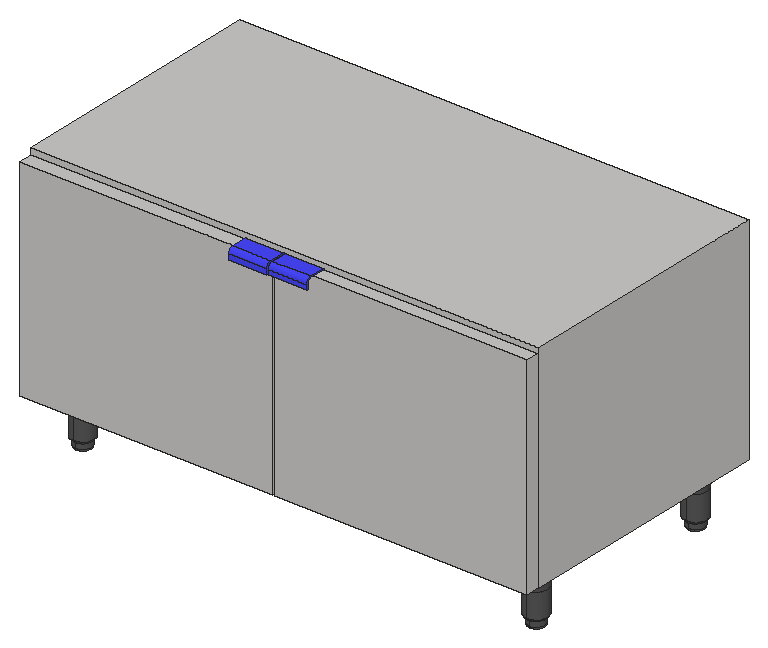
Revit family "QF_CAPIC_AVEN_W543035", category Equipement spécialisé, Revit 2018
Family settings
  Cote de connecteur circulaire = Utiliser le diamètre
  Type d'élément = Normal
  Numéro OmniClass = 23.40.40.14
  Titre OmniClass = Food Service Equipment
  Basée sur le plan de construction = Non
  Toujours verticalement = Oui
  Couper avec des vides une fois chargée = Non
  Partagée = Non
  Point de calcul de pièce = Non
Parameters (values of type "1200 mm")
  profondeur porte ouverte = 630 mm + Longueur hors tout / 2  # 1230 mm
  URL catalogue = "http://www.capic-fr.com/fr/"
  Type de Raccord Plomberie [instance] = ""
  Type de Raccord Electrique [instance] = ""
  Type de Gaz = ""
  Type article [instance] = ""
  Tension = 0 V
  Spécification du Fabricant = ""
  Show Logo = yes
  Remarques evacuation [instance] = ""
  Remarques Plomberie [instance] = ""
  Remarques Electricité [instance] = ""
  Puissance électrique  = 0 W
  Puissance Gaz kW = 0
  Profondeur hors tout = 671 mm
  Pression Maximum Eau Adoucie = 0.0 Pa
  Poids net à vide = 60.00 kg
  Phase = 0
  Modèle = "W543035"
  Longueur hors tout = 1200 mm
  Intensité nominale = 0 A
  Hauteur hors tout = 638 mm
  Hauteur de Raccordement du Sol Finis = 0 mm
  Hauteur de Raccordement Gaz du Sol Finis = 0 mm
  Hauteur de Raccordement Evacuation Directe du Sol Finis = 0 mm
  Hauteur de Raccordement Eau Froide du Sol Finis = 0 mm
  Hauteur de Raccordement Eau Chaude du Sol Finis = 0 mm
  Hauteur de Raccordement Eau Adoucie du Sol Finis = 0 mm
  Fréquence = 0 Hz
  Fabricant = "CAPIC"
  Etagere intermédiaire (option) [instance] = no
  Débit d'air d'extraction = 0.0 m³/h
  Débit Gaz = 0.0 L/s
  Débit Eau Froide = 0.0 L/s
  Débit Eau Chaude = 0.0 L/s
  Débit Eau Adoucie = 0.0 L/s
  Diamètre de Raccordement Gaz = 0 mm
  Diamètre de Raccordement Evacuation = 0 mm
  Diamètre de Raccordement Eau Froide = 0 mm
  Diamètre de Raccordement Eau Chaude = 0 mm
  Diamètre de Raccordement Eau Adoucie = 0 mm
  Description = "Placard fermé 2 portes"
  Assembly Code = ""
  Classification  Omniclass nombre et titre = "23.40.40.14"
Reference planes
  plane 1 "Centre (avant/arrière)": y = 0
  plane 2: z = 0
  plane 3 "Centre (gauche/droite)": x = 0
  plane 4: x = 1200
  plane 5: y = -662
  plane 6: y = -45
  plane 7: x = 25
  plane 8: x = 1175
  plane 9: y = -69
  plane 10: y = -539
  plane 11: x = 35
  plane 12: x = 1165
  plane 13: x = 2
  plane 14: x = 1198
  plane 15: y = -694.5
  plane 16: z = 627
  plane 17: y = -712
  plane 18: z = 625
  plane 19: y = -710
  plane 20: z = 603
  plane 21: x = 508
  plane 22: y = -1275
  plane 23: x = 600
  plane 24: x = 598
  plane 25: x = 602
  plane 26: x = 692
  plane 27: y = -678.25
Forms (mm)
  Extrusion 1, solid, material "QF_Stainless Steel-Brushed"
    sketch origin (0, 0, 0) x (1, 0, 0) y (0, 1, 0)
      loop
        line (0, -45) -> (0, -662) -> (1200, -662) -> (1200, -45) -> (0, -45)
    from 130 to 638
  Extrusion 2, void
    sketch origin (0, 0, 0) x (1, 0, 0) y (0, 1, 0)
      loop
        line (35, -69) -> (35, -662) -> (1165, -662) -> (1165, -69) -> (35, -69)
    from 175 to 608
  Extrusion 3, solid, material "QF_Stainless Steel-Brushed", visible <- "Etagere intermédiaire (option)"
    sketch origin (0, 0, 0) x (1, 0, 0) y (0, 1, 0)
      loop
        line (35, -69) -> (35, -662) -> (1165, -662) -> (1165, -69) -> (35, -69)
    from 370 to 400
  Extrusion 4, solid, material "QF_Stainless Steel-Brushed"
    sketch origin (0, 0, 0) x (1, 0, 0) y (0, 1, 0)
      loop
        line (2, -662) -> (2, -694.5) -> (598, -694.5) -> (598, -662) -> (2, -662)
    from 130 to 625
  Extrusion 5, solid, material "QF_Metal Sheet-Blue"
    sketch origin (0, 0, 0) x (0, 1, 0) y (0, 0, 1)
      loop
        line (-662, 627) -> (-700, 627)
        arc (-700, 627) -> (-708.485, 623.485) -> (-712, 615) r 12
        line (-712, 615) -> (-712, 603) -> (-710, 603) -> (-710, 615)
        arc (-710, 615) -> (-707.071, 622.071) -> (-700, 625) r 10
        line (-700, 625) -> (-662, 625) -> (-662, 627)
    from 598 to 508
  Extrusion 6, solid, material "QF_Metal Sheet-Blue"
    sketch origin (252, 0, 0) x (0, 1, 0) y (0, 0, 1)
      loop
        line (-662, 627) -> (-700, 627)
        arc (-700, 627) -> (-708.485, 623.485) -> (-712, 615) r 12
        line (-712, 615) -> (-712, 603) -> (-710, 603) -> (-710, 615)
        arc (-710, 615) -> (-707.071, 622.071) -> (-700, 625) r 10
        line (-700, 625) -> (-662, 625) -> (-662, 627)
    from 440 to 350
  Extrusion 7, solid, material "QF_Stainless Steel-Brushed"
    sketch origin (430, 0, 0) x (1, 0, 0) y (0, 1, 0)
      loop
        line (172, -662) -> (172, -694.5) -> (768, -694.5) -> (768, -662) -> (172, -662)
    from 130 to 625
Cuts and joins
  Extrusion 2 cuts Extrusion 1
Lines and regions (mm)
  symbolic lines, style "SpecialityEquipmentHiddenLines", detail levels medium+fine
    curve 1: arc (1198, -1275, 0) -> (781.819, -1105.923, 0) -> (601.471, -694.5, 0) r 596.75
    curve 4: arc (2, -1275, 0) -> (418.181, -1105.923, 0) -> (598.529, -694.5, 0) r 596.75
  symbolic lines, detail levels medium+fine
    curve 2: line (1198, -1275, 0) -> (1198, -694.5, 0)
    curve 3: line (2, -678.25, 0) -> (2, -1275, 0)
Dimensions and locks
  "Longueur hors tout": plane 3 "Centre (gauche/droite)" to plane 4
  plane 5 to plane 6 to plane 1 "Centre (avant/arrière)" = 617 mm locked, 45 mm locked
  plane 6 to plane 9 to plane 10 = 24 mm locked, 470 mm locked
  locked: plane 3 "Centre (gauche/droite)" to plane 7 at 25
  locked: plane 8 to plane 4 at 25
  locked: plane 3 "Centre (gauche/droite)" to plane 11 at 35
  locked: plane 12 to plane 4 at 35
  locked: plane 3 "Centre (gauche/droite)" to plane 13 at 2
  locked: plane 14 to plane 4 at 2
  locked: plane 5 to plane 15 at 32.5
  locked: plane 16 to plane 18 at 2
  locked: plane 19 to plane 17 at 2
  locked: plane 5 to plane 17 at 50
  locked: plane 16 to plane 20 at 24
  "profondeur porte ouverte": plane 6 to plane 22
  equal spacing: plane 3 "Centre (gauche/droite)", plane 23, plane 4
  locked: plane 23 to plane 25 at 2
  locked: plane 24 to plane 23 at 2
  locked: plane 21 to plane 24 at 90
  locked: plane 25 to plane 26 at 90
  aligned and locked: level to plane 2
  aligned and locked: plane 9 to nested 1
  aligned and locked: nested 1 to plane 7
  aligned and locked: plane 10 to nested 2
  aligned and locked: nested 2 to plane 7
  aligned and locked: plane 8 to nested 3
  aligned and locked: nested 3 to plane 9
  aligned and locked: plane 8 to nested 4
  aligned and locked: nested 4 to plane 10
  aligned and locked: Extrusion 2 sketch curve to plane 9
  aligned and locked: plane 11 to Extrusion 2 sketch curve
  aligned and locked: plane 5 to Extrusion 2 sketch curve
  aligned and locked: Extrusion 2 sketch curve to plane 12
  aligned and locked: Extrusion 4 sketch curve to plane 5
  aligned and locked: plane 13 to Extrusion 4 sketch curve
  aligned and locked: plane 15 to Extrusion 4 sketch curve
  aligned and locked: Extrusion 5 sketch curve to plane 16
  aligned and locked: plane 18 to Extrusion 5 sketch curve
  aligned and locked: Extrusion 5 sketch curve to plane 5
  aligned and locked: plane 20 to Extrusion 5 sketch curve
  aligned and locked: plane 19 to Extrusion 5 sketch curve
  aligned and locked: plane 21 to Extrusion 5
  aligned and locked: plane 24 to Extrusion 4
  aligned and locked: plane 24 to Extrusion 5
  aligned and locked: Extrusion 6 to plane 25
  aligned and locked: plane 26 to Extrusion 6
  aligned and locked: Extrusion 7 to plane 25
  aligned and locked: plane 14 to Extrusion 7
Automatic sketch dimensions
  Extrusion 1 sketch curve to plane 3 "Centre (gauche/droite)" = 0 mm
  Extrusion 1 sketch curve to plane 4 = 0 mm
  Extrusion 1 sketch curve to plane 5 = 0 mm
  Extrusion 1 sketch curve to plane 6 = 0 mm
  Extrusion 3 sketch curve to plane 5 = 0 mm
  Extrusion 3 sketch curve to plane 11 = 0 mm
  Extrusion 3 sketch curve to plane 12 = 0 mm
  Extrusion 3 sketch curve to plane 9 = 0 mm
  Extrusion 4 sketch curve to plane 24 = 0 mm
  Extrusion 5 sketch curve to Extrusion 5 sketch curve = 0 mm  (x2)
  Extrusion 5 sketch curve to plane 15 = 5.5 mm
  Extrusion 6 sketch curve to Extrusion 6 sketch curve = 0 mm  (x2)
  Extrusion 6 sketch curve to plane 17 = 0 mm
  Extrusion 6 sketch curve to plane 19 = 0 mm
  Extrusion 6 sketch curve to plane 18 = 0 mm
  Extrusion 6 sketch curve to plane 5 = 0 mm
  Extrusion 6 sketch curve to plane 20 = 0 mm
  Extrusion 6 sketch curve to plane 15 = 5.5 mm
  Extrusion 7 sketch curve to plane 15 = 0 mm
  Extrusion 7 sketch curve to plane 5 = 0 mm
  plane 25 to Extrusion 7 sketch curve = 0 mm
  Extrusion 7 sketch curve to plane 4 = 2 mm
  curve 4 to plane 13 = 0 mm
  curve 4 to plane 15 = 0 mm
  curve 1 to plane 15 = 0 mm
  curve 2 to plane 14 = 0 mm
  curve 1 to plane 22 = 0 mm
  curve 3 to plane 22 = 0 mm
  plane 15 to curve 2 = 0 mm
  plane 27 to curve 4 = 0 mm
  plane 27 to curve 3 = 0 mm
  plane 27 to curve 1 = 0 mm
Nested families
  nested 1: "QF_Details_Pied" at (13.5, -119, 0) x (0, -1, 0) z (0, 0, 1), type "QF_Details_Pied"
  nested 2: "QF_Details_Pied" at (13.5, -589, 0) x (0, -1, 0) z (0, 0, 1), type "QF_Details_Pied"
  nested 3: "QF_Details_Pied" at (1083.5, -119, 0) x (0, -1, 0) z (0, 0, 1), type "QF_Details_Pied"
  nested 4: "QF_Details_Pied" at (1083.5, -589, 0) x (0, -1, 0) z (0, 0, 1), type "QF_Details_Pied"
Definition of nested family "QF_Details_Pied"
  Reference planes
    plane 1 "Centre (avant/arrière)": y = 0
    plane 2: z = 0
    plane 3 "Centre (gauche/droite)": x = 0
  Forms (mm)
    Extrusion 1, solid
      sketch origin (-137.492, 51.5, -340.756) x (1, 0, 0) y (0, 0, 1)
        loop
          line (87.492, 481.756) -> (87.492, 472.756) -> (187.492, 472.756) -> (187.492, 481.756) -> (87.492, 481.756)
      from -40 to 40
    Revolve 2, solid
      sketch origin (0, 51.5, -9) x (1, 0, 0) y (0, 0, 1)
        loop
          line (0, 141) -> (0, 9) -> (19.21, 9) -> (19.21, 13) -> (20.21, 13) -> (20.21, 26) -> (21.71, 26) -> (26.66, 30.95) -> (26.66, 90.95) -> (31.468, 136.698) -> (36.246, 141) -> (0, 141)
        axis (0, 141) -> (0, 9)
      angle from 0 to 360
  Dimensions and locks
    aligned and locked: level to plane 2
    aligned and locked: Extrusion 1 to Revolve 2 sketch curve
